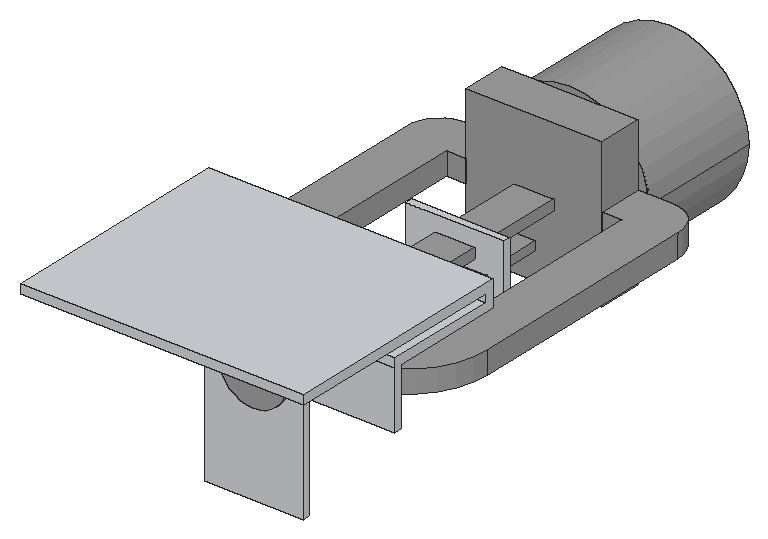
Revit family
Parameters (values of type "RASCO F1 RES 58 HSWX")
  Temperature Rating = 155 °F
  Response = (empty or 0)
  RASCO SIN # = "RA3533"
  RASCO Part # = "CV6YY3199"
  Pressure Rating = "175 PSI"
  Pressure Class = (empty or 0)
  Orifice Size = 1/2"
  Orifice = (empty or 0)
  Model = "F1 RES 58 HSWX"
  Manufacturer = "RASCO"
  K-Factor = 5.8
  Description = "Brz. Finish"
  Coverage = (empty or 0)
Reference planes (in)
  plane 1 "Center (Front/Back)": y = 0
  plane 2: z = 0
  plane 3 "Center (Left/Right)": x = 0
Dimensions and locks (in)
  aligned and locked: plane 2 to level
Nested families (in)
  nested 1: "RASCO- F1 RES 58 HSWX" at (-3.68265, 8.37839, 0), type "RASCO  F1 RES 58 HSWX"
Connectors (in)
  piping at (-3.68815, 9.81589, 1.4375), driven by "Orifice Size"
    settings: on nested 1, index 1, connector radius 1/2", flow factor 0, pipe flow 0 GPM, pressure drop 0.00 psi, fitting loss kfactor 0, connector angle 0.00°, fixture units 0, flow configuration 0, flow direction 0, fitting loss method 0, system type 7, connector reference index -1, connector utility 0, adjustable connector no, is connector primary yes, fitting loss table "", connector description ""
Definition of nested family "RASCO- F1 RES 58 HSWX"
  Parameters (values of type "RASCO  F1 RES 58 HSWX")
    Type Comments = ""
    Temperature Rating = 0 °F
    Response = (empty or 0)
    Pressure Rating = "0"
    Pressure Class = (empty or 0)
    Orifice Size = 0"
    Orifice = (empty or 0)
    Model = ""
    Manufacturer = ""
    K-Factor = 0
    Description = ""
    Coverage = (empty or 0)
    Assembly Code = ""
  Reference planes (in)
    plane 1 "Center (Front/Back)": y = 0
    plane 2: z = 0
    plane 3: x = -0.38065
    plane 4: x = 0.36935
    plane 5 "center": x = -0.00574
    plane 6: y = -1.38092
  Forms (in)
    Extrusion 1, solid, material "Default"
      sketch origin (-0.0055, 1.4375, 1.4375) x (-1, 0, 0) y (0, 0, -1)
        loop
          circle (0, 0) r 0.438
      from 0 to 0.6875
    Extrusion 2, solid, material "Default"
      sketch origin (0.11634, 0.75, 1.38573) x (-1, 0, 0) y (0, 0, -1)
        loop
          line (-0.2588, 0.356) -> (-0.2588, -0.4565) -> (0.4912, -0.4565) -> (0.4912, 0.356) -> (-0.2588, 0.356)
      from 0 to 0.25
    Extrusion 3, solid, material "Default"
      sketch origin (-0.0055, 1.4375, 1.4375) x (-1, 0, 0) y (0, -1, 0)
        loop
          line (-0.49248, 0.9375) -> (-0.49248, 2.10276)
          arc (-0.49248, 2.10276) -> (-0.40724, 2.30855) -> (-0.20145, 2.39379) r 0.29103
          line (-0.20145, 2.39379) -> (0.18108, 2.39379)
          arc (0.18108, 2.39379) -> (0.38905, 2.30765) -> (0.47519, 2.09969) r 0.29411
          line (0.47519, 2.09969) -> (0.47519, 0.9375) -> (0.36935, 0.9375) -> (0.36935, 0.6875) -> (0.55741, 0.6875)
          arc (0.55741, 0.6875) -> (0.69165, 0.7431) -> (0.74725, 0.87734) r 0.18984
          line (0.74725, 0.87734) -> (0.74725, 2.19113)
          arc (0.74725, 2.19113) -> (0.61669, 2.50631) -> (0.3015, 2.63687) r 0.44574
          line (0.3015, 2.63687) -> (-0.30719, 2.63687)
          arc (-0.30719, 2.63687) -> (-0.62225, 2.50637) -> (-0.75275, 2.19131) r 0.44556
          line (-0.75275, 2.19131) -> (-0.75275, 0.87876)
          arc (-0.75275, 0.87876) -> (-0.69673, 0.74352) -> (-0.56149, 0.6875) r 0.19126
          line (-0.56149, 0.6875) -> (-0.38065, 0.6875) -> (-0.38065, 0.9375) -> (-0.49248, 0.9375)
      from -0.06402 to 0.06098
    Extrusion 4, solid, material "Default"
      sketch origin (-0.00352, -1, 1.4375) x (1, 0, 0) y (0, 0, 1)
        loop
          circle (0.00574, -0.00152) r 0.1875
      from -0.04371 to 0.4375
    Extrusion 5, solid, material "Default"
      sketch origin (-0.0055, 0.5, 1.4375) x (1, 0, 0) y (0, 0, 1)
        loop
          line (-0.10175, -0.02852) -> (0.11324, -0.02852) -> (0.11324, 0.03101) -> (-0.10175, 0.03101) -> (-0.10175, -0.02852)
      from 0 to 1.45629
    Extrusion 6, solid, material "Default"
      sketch origin (0.00024, 1.51287, 1.447) x (0, 1, 0) y (0, 0, 1)
        loop
          line (-2.39379, 0.21198) -> (-2.39379, -0.229)
          arc (-2.39379, -0.229) -> (-2.26956, -0.41579) -> (-2.04926, -0.37342) r 0.20254
          arc (-2.04926, -0.37342) -> (-1.6599, -0.16721) -> (-1.22163, -0.12207) r 1.15319
          line (-1.22163, -0.12207) -> (-1.22163, -0.07087)
          arc (-1.22163, -0.07087) -> (-1.6782, -0.11947) -> (-2.0834, -0.33544) r 1.20419
          arc (-2.0834, -0.33544) -> (-2.24878, -0.36919) -> (-2.34279, -0.229) r 0.15154
          line (-2.34279, -0.229) -> (-2.34279, 0.21198) -> (-2.39379, 0.21198)
      from -0.17255 to 0.17398
    Extrusion 7, solid
      sketch origin (0, 0, 0) x (1, 0, 0) y (0, 0, 1)
        loop
          line (0.26945, 1.55487) -> (-0.27429, 1.55487) -> (-0.27429, 1.17086) -> (0.26945, 1.17086) -> (0.26945, 1.55487)
      from 0 to 0.04204
    Extrusion 8, solid
      sketch origin (-0.00574, -180, 2.39379) x (0, 0, -1) y (0, -1, 0)
        loop
          line (0.99957, -178.61227) -> (0.99957, -178.57366) -> (0.68139, -178.57366) -> (0.63139, -178.57366) -> (0.63139, -179.19862) -> (0.5882, -179.19862) -> (0.5882, -177.94684) -> (0.5382, -177.94684) -> (0.5382, -179.24862) -> (0.68139, -179.24862) -> (0.68139, -178.61227) -> (0.99957, -178.61227)
      from -0.78083 to 0.78419
    Extrusion 9, solid
      sketch origin (-0.00574, -180, 2.39379) x (0, 0, -1) y (0, -1, 0)
        loop
          line (0.97757, -178.61227) -> (1.60729, -178.61227) -> (1.60729, -178.57366) -> (0.97757, -178.57366) -> (0.97757, -178.61227)
      from -0.27519 to 0.26855
  Cuts and joins
    joined: Extrusion 1, Extrusion 2
